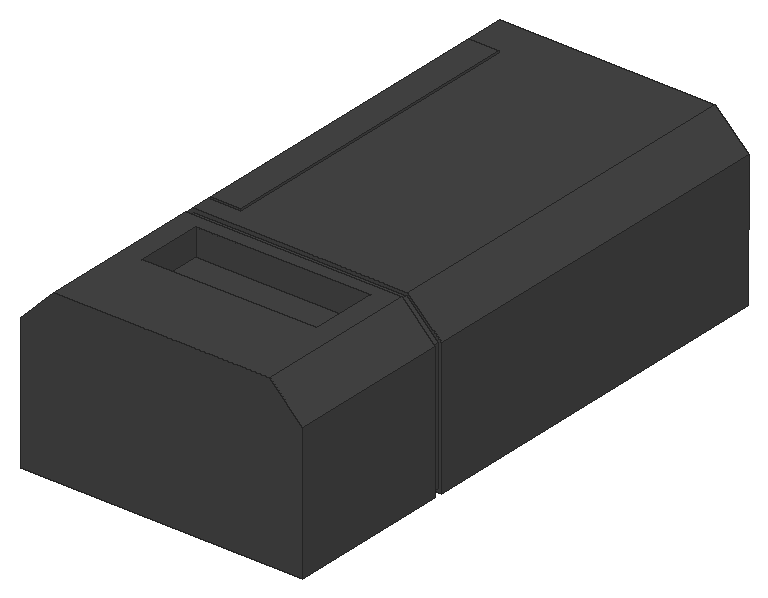
Revit family "SP4182_SDU3_Revit", category Mechanical Equipment, Revit 2014
Parameters (values of type "Standard")
  d82 = 0' - 0"
  d74 = 0' - 0"
  d70 = 0' - 0"
  d68 = 0' - 0"
  d65 = 0' - 0"
  d60 = 0' - 0"
  URL = "www.neptronic.com"
  Part Number = "SP4182_SDU3_Revit"
  Model = "SK320 & SDU3, SK330 & SDU3"
  Manufacturer = "Neptronic"
  Extrusion_End_2 = -d74  # 0' - 0"
  Extrusion_End_1 = -d60  # 0' - 0"
  Designer = "Antoine"
  Design Status = 1
  Description = "Electric Resistive Humidifier with Steam Distribution Unit"
  Date Created = "2014-08-06 15:51:08"
  Connector_8_Width = 0' - 0"
  Connector_8_Height = 0' - 0"
  Connector_5_Diameter = 0' - 0"
  Connector_4_Diameter = 0' - 0"
  Connector_3_Diameter = 0' - 0"
  Author = "Antoine"
Reference planes (in)
  plane 1 "Center (Front/Back)": y = 0
  plane 2: z = 0
  plane 3 "Center (Left/Right)": x = 0
  plane 4: y = -25.561
Forms (in)
  Sweep 1, solid
    path in 3D
      loop
        line (-10.5003, 2.939, 3.75715) -> (-10.5003, -25.561, 3.75715)
    profile origin (-10.5003, -25.561, 3.75715) x (0, 0, -1) y (1, 0, 0)
      loop
        line (0, 0) -> (10.00715, 0) -> (10.00715, 21.0003) -> (-0.04232, 21.0003) -> (-2.51382, 18.5288) -> (-2.51382, 2.51382) -> (0, 0)
  Extrusion 2, void
    sketch origin (-10.5003, 2.939, 3.75715) x (0, 0, 1) y (1, 0, 0)
      loop
        circle (-8.25715, 9.0003) r 0.25
      loop
        circle (-8.25715, 7.2503) r 0.375
      loop
        circle (-4.75715, 2.5003) r 0.4375
      loop
        circle (-1.75715, 2.5003) r 0.4375
    from 0 to -0.25
  Extrusion 3, solid
    sketch origin (-10.5003, 2.939, 3.75715) x (0, 0, 1) y (1, 0, 0)
      loop
        circle (-0.25715, 16.8753) r 0.375
    from 0 to 0.25
  Extrusion 4, solid
    sketch origin (-10.5003, -25.561, 3.75715) x (1, 0, 0) y (0, 0, 1)
      loop
        line (2.61738, 2.26382) -> (0.25, -0.10355) -> (0.25, -9.75715) -> (20.7503, -9.75715) -> (20.7503, -0.06123) -> (18.42524, 2.26382) -> (2.61738, 2.26382)
    from 0 to 0.625
  Extrusion 5, solid
    sketch origin (-7.88292, -26.186, 6.02097) x (-1, 0, 0) y (0, 0, -1)
      loop
        line (2.61738, 2.26382) -> (2.61738, 12.27097) -> (-18.38292, 12.27097) -> (-18.38292, 2.2215) -> (-15.91142, -0.25) -> (0.10355, -0.25) -> (2.61738, 2.26382)
    from 0 to 12.25
  Extrusion 6, void
    sketch origin (8.0285, -38.436, 6.27097) x (0, 1, 0) y (-1, 0, 0)
      loop
        line (11.25, 14.50749) -> (6.25, 14.50749) -> (6.25, 1.50749) -> (11.25, 1.50749) -> (11.25, 14.50749)
    from 0 to -2
  Extrusion 7, solid
    sketch origin (-7.98648, 2.939, 6.27097) x (0, -1, 0) y (1, 0, 0)
      loop
        line (3, 2.375) -> (3, 0.125) -> (27, 0.125) -> (27, 2.375) -> (3, 2.375)
    from 0 to 0.125
Cuts and joins
  Extrusion 2, Extrusion 6 cuts Sweep 1
  Extrusion 6 cuts Extrusion 3
  Extrusion 6 cuts Extrusion 4
  Extrusion 6 cuts Extrusion 5
  joined: Sweep 1, Extrusion 3, Extrusion 4, Extrusion 5, Extrusion 7
Lines and regions (in)
  reference lines
    curve 1: line (-10.5003, -25.561, 3.75715) -> (-10.5003, -25.561, -6.25)
    curve 2: line (-10.5003, -25.561, -6.25) -> (10.5, -25.561, -6.25)
    curve 3: line (10.5, -25.561, -6.25) -> (10.5, -25.561, 3.79947)
    curve 4: line (10.5, -25.561, 3.79947) -> (8.0285, -25.561, 6.27097)
    curve 5: line (8.0285, -25.561, 6.27097) -> (-7.98648, -25.561, 6.27097)
    curve 6: line (-7.98648, -25.561, 6.27097) -> (-10.5003, -25.561, 3.75715)
    curve 7: line (-10.5003, 2.939, 3.75715) -> (-10.5003, -25.561, 3.75715)
    curve 8: line (-10.5003, 2.939, 3.75715) -> (-10.5003, -25.561, 3.75715)
    curve 10: circle (-1.5, 2.939, -4.5) r 0.25 normal (0, 1, 0)
    curve 11: circle (-3.25, 2.939, -4.5) r 0.375 normal (0, 1, 0)
    curve 12: circle (-8, 2.939, -1) r 0.4375 normal (0, 1, 0)
    curve 13: circle (-8, 2.939, 2) r 0.4375 normal (0, 1, 0)
    curve 14: circle (6.375, 2.939, 3.5) r 0.375 normal (0, 1, 0)
    curve 15: line (-7.88292, -25.561, 6.02097) -> (7.92494, -25.561, 6.02097)
    curve 16: line (7.92494, -25.561, 6.02097) -> (10.25, -25.561, 3.69592)
    curve 17: line (10.25, -25.561, 3.69592) -> (10.25, -25.561, -6)
    curve 18: line (10.25, -25.561, -6) -> (-10.2503, -25.561, -6)
    curve 19: line (-10.2503, -25.561, -6) -> (-10.2503, -25.561, 3.6536)
    curve 20: line (-10.2503, -25.561, 3.6536) -> (-7.88292, -25.561, 6.02097)
    curve 21: line (-10.5003, -26.186, 3.75715) -> (-10.5003, -26.186, -6.25)
    curve 22: line (-10.5003, -26.186, -6.25) -> (10.5, -26.186, -6.25)
    curve 23: line (10.5, -26.186, -6.25) -> (10.5, -26.186, 3.79947)
    curve 24: line (10.5, -26.186, 3.79947) -> (8.0285, -26.186, 6.27097)
    curve 25: line (8.0285, -26.186, 6.27097) -> (-7.98648, -26.186, 6.27097)
    curve 26: line (-7.98648, -26.186, 6.27097) -> (-10.5003, -26.186, 3.75715)
    curve 27: line (-6.47899, -32.186, 6.27097) -> (-6.47899, -27.186, 6.27097)
    curve 28: line (6.52101, -32.186, 6.27097) -> (-6.47899, -32.186, 6.27097)
    curve 29: line (6.52101, -27.186, 6.27097) -> (6.52101, -32.186, 6.27097)
    curve 30: line (-6.47899, -27.186, 6.27097) -> (6.52101, -27.186, 6.27097)
    curve 31: line (-5.61148, -0.061, 6.27097) -> (-5.61148, -24.061, 6.27097)
    curve 32: line (-5.61148, -24.061, 6.27097) -> (-7.86148, -24.061, 6.27097)
    curve 33: line (-7.86148, -24.061, 6.27097) -> (-7.86148, -0.061, 6.27097)
    curve 34: line (-7.86148, -0.061, 6.27097) -> (-5.61148, -0.061, 6.27097)
  sketch lines
    curve 9: line (-10.5003, 2.939, 3.75715) -> (-10.5003, -25.561, 3.75715)
Dimensions and locks (in)
  aligned and locked: plane 2 to level
  aligned and locked: Sweep 1 sketch curve to curve 1
  aligned and locked: Sweep 1 sketch curve to curve 2
  aligned and locked: Sweep 1 sketch curve to curve 3
  aligned and locked: Sweep 1 sketch curve to curve 4
  aligned and locked: Sweep 1 sketch curve to curve 5
  aligned and locked: Sweep 1 sketch curve to curve 6
  aligned and locked: curve 9 to curve 7
  aligned and locked: Extrusion 2 sketch curve to curve 10  (x2)
  aligned and locked: Extrusion 2 sketch curve to curve 11  (x2)
  aligned and locked: Extrusion 2 sketch curve to curve 12  (x2)
  aligned and locked: Extrusion 2 sketch curve to curve 13  (x2)
  aligned and locked: Extrusion 3 sketch curve to curve 14  (x2)
  aligned and locked: Extrusion 4 sketch curve to curve 15
  aligned and locked: Extrusion 4 sketch curve to curve 16
  aligned and locked: Extrusion 4 sketch curve to curve 17
  aligned and locked: Extrusion 4 sketch curve to curve 18
  aligned and locked: Extrusion 4 sketch curve to curve 19
  aligned and locked: Extrusion 4 sketch curve to curve 20
  aligned and locked: Extrusion 5 sketch curve to curve 21
  aligned and locked: Extrusion 5 sketch curve to curve 22
  aligned and locked: Extrusion 5 sketch curve to curve 23
  aligned and locked: Extrusion 5 sketch curve to curve 24
  aligned and locked: Extrusion 5 sketch curve to curve 25
  aligned and locked: Extrusion 5 sketch curve to curve 26
  aligned and locked: Extrusion 6 sketch curve to curve 27
  aligned and locked: Extrusion 6 sketch curve to curve 28
  aligned and locked: Extrusion 6 sketch curve to curve 29
  aligned and locked: Extrusion 6 sketch curve to curve 30
  aligned and locked: Extrusion 7 sketch curve to curve 31
  aligned and locked: Extrusion 7 sketch curve to curve 32
  aligned and locked: Extrusion 7 sketch curve to curve 33
  aligned and locked: Extrusion 7 sketch curve to curve 34
Connectors (in)
  piping at (6.375, 3.189, 3.5), driven by "Connector_3_Diameter"
    settings: on cut or joined group of Sweep 1, Extrusion 2, Extrusion 3, Extrusion 4, Extrusion 5, Extrusion 6, Extrusion 7, index 1, connector diameter 0", connector inside diameter 24", connector length 0' - 0", flow factor 0, pipe flow 0 GPM, pressure drop 0.00 psi, fitting loss kfactor 0, connector angle 0.00°, fixture units 0, engagement length 0' - 0", angle of deflection 0.00°, flow configuration 1, flow direction 1, fitting loss method 0, system type 20, joint type 0, gender type 0, connector reference index -1, connector utility 0, adjustable connector no, is connector primary yes, connector description "Water inlet 3/4'' G"
  piping at (-1.5, 2.939, -4.5), driven by "Connector_4_Diameter"
    settings: on cut or joined group of Sweep 1, Extrusion 2, Extrusion 3, Extrusion 4, Extrusion 5, Extrusion 6, Extrusion 7, index 2, connector diameter 0", connector inside diameter 24", connector length 0' - 0", flow factor 0, pipe flow 0 GPM, pressure drop 0.00 psi, fitting loss kfactor 0, connector angle 0.00°, fixture units 0, engagement length 0' - 0", angle of deflection 0.00°, flow configuration 1, flow direction 2, fitting loss method 0, system type 16, joint type 0, gender type 0, connector reference index -1, connector utility 0, adjustable connector no, is connector primary no, connector description "Pan drip drain outlet 1/2''"
  piping at (-3.25, 2.939, -4.5), driven by "Connector_5_Diameter"
    settings: on cut or joined group of Sweep 1, Extrusion 2, Extrusion 3, Extrusion 4, Extrusion 5, Extrusion 6, Extrusion 7, index 3, connector diameter 0", connector inside diameter 24", connector length 0' - 0", flow factor 0, pipe flow 0 GPM, pressure drop 0.00 psi, fitting loss kfactor 0, connector angle 0.00°, fixture units 0, engagement length 0' - 0", angle of deflection 0.00°, flow configuration 1, flow direction 2, fitting loss method 0, system type 16, joint type 0, gender type 0, connector reference index -1, connector utility 0, adjustable connector no, is connector primary no, connector description "Main drain outlet 3/4''"
  electrical at (-8, 2.939, -1)
    settings: on cut or joined group of Sweep 1, Extrusion 2, Extrusion 3, Extrusion 4, Extrusion 5, Extrusion 6, Extrusion 7, index 4, voltage 0 V, apparent load 0 VA, apparent load phase1 0 VA, apparent load phase2 0 VA, apparent load phase3 0 VA, power factor 1, load classification "Other", number of poles 1, system type 13, power factor state 1, is connector primary yes, connector utility no, sub classification motor no, connector description "Low voltage control inlet (KO)"
  electrical at (-8, 2.939, 2)
    settings: on cut or joined group of Sweep 1, Extrusion 2, Extrusion 3, Extrusion 4, Extrusion 5, Extrusion 6, Extrusion 7, index 5, voltage 0 V, apparent load 0 VA, apparent load phase1 0 VA, apparent load phase2 0 VA, apparent load phase3 0 VA, power factor 0, load classification "Other", number of poles 1, system type 30, power factor state 1, is connector primary no, connector utility no, sub classification motor no, connector description "Power supply inlet (KO)"
  hvac at (0.02101, -29.686, 4.27097), driven by "Connector_8_Height", driven by "Connector_8_Width"
    settings: on cut or joined group of Sweep 1, Extrusion 2, Extrusion 3, Extrusion 4, Extrusion 5, Extrusion 6, Extrusion 7, index 6, duct flow 0 CFM, flow factor 0, pres drop 0.00 in-wg, loss coef 0, conn angle 0.00°, conn width 0", conn height 0", conn diameter 24", duct sys type 1, conn prof type 1, flow config 1, flow direction 2, loss method 0, conn ref index -1, conn util no, is conn primary yes, conn desc "Steam & Air distribution"
